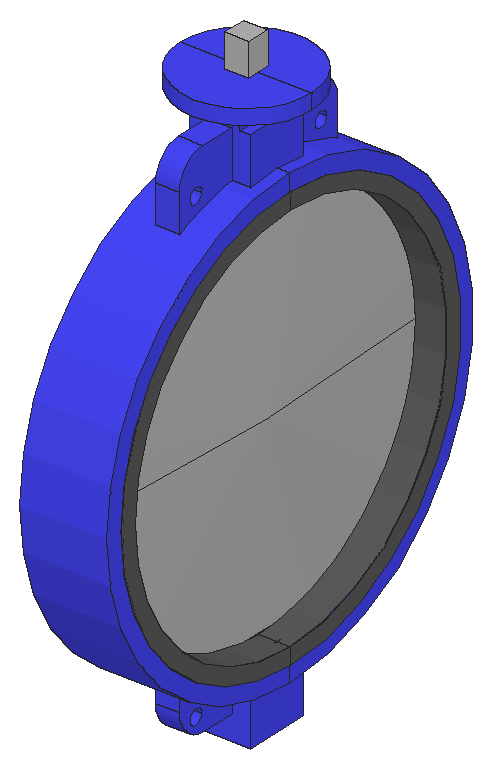
Revit family "931-10-001 DN350-900", category Pipe Accessories, Revit 2022
Family settings
  Round Connector Dimension = Use Diameter
  Part Type = Valve - Breaks Into
  Work Plane-Based = No
  Always vertical = Yes
  Cut with Voids When Loaded = No
  Shared = No
Parameters (values of type "DN900_PN16")
  wafer_fillet = wafer / 2  # 112.5 mm
  wafer_dim2 = size_lookup(Search_table, "wafer_dim2", 0 mm, DN)  # 225 mm
  wafer_dim1 = size_lookup(Search_table, "wafer_dim1", 0 mm, DN)  # 46.5 mm
  wafer_F = size_lookup(Search_table, "wafer_F", 0 mm, DN)  # 67 mm
  wafer = Actuator_Flange_R * 1.5  # 225 mm
  rubber = (D - Bore_R) / 2  # 37 mm
  rib2 = base_dis * 0.95  # 604.2 mm
  hole_bottom = base_dis * 0.85  # 540.6 mm
  hole1 = G / 2  # 27.5 mm
  disk2 = size_lookup(Search_table, "disk2", 0 mm, DN)  # 899 mm
  disk1 = size_lookup(Search_table, "disk1", 0 mm, DN)  # 49.5 mm
  disk = size_lookup(Search_table, "disk", 0 mm, DN)  # 27.5 mm
  base_dis = size_lookup(Search_table, "base_dis", 0 mm, DN)  # 636 mm
  base1 = C / 5  # 40 mm
  base = C * 0.7 / 2  # 70 mm
  URL_product_pages = "https://www.avkvalves.com/P.aspx?no=93135010010020200000"
  Search_table = "931-10-001 DN350-900"
  PCD_R = size_lookup(Search_table, "PCD_R", 0 mm, DN)  # 542.5 mm
  Rib_dim1 = size_lookup(Search_table, "Rib_dim1", 0 mm, DN)  # 580 mm
  Hole_dia = size_lookup(Search_table, "Hole_dia", 0 mm, DN)  # 36 mm
  Hole = G * 1.1  # 60.5 mm
  H = size_lookup(Search_table, "H", 0 mm, DN) / 2  # 150 mm
  G = size_lookup(Search_table, "G", 0 mm, DN)  # 55 mm
  Flange_T = size_lookup(Search_table, "Flange_T", 0 mm, DN)  # 46.5 mm
  Flange_R = size_lookup(Search_table, "Flange_R", 0 mm, DN)  # 525 mm
  F = size_lookup(Search_table, "F", 0 mm, DN)  # 75 mm
  E = size_lookup(Search_table, "E", 0 mm, DN)  # 705 mm
  Description_ = "AVK BUTTERFLY VALVE, WAFER, PN10/16"
  Default Elevation = 0 mm
  DN900_PN16 = "931-900-10-020020200000"
  DN900_PN10 = "931-900-10-010020200000"
  DN750_PN16 = "931-750-10-020020200000"
  DN800_PN16 = "931-800-10-020020200000"
  DN800_PN10 = "931-800-10-010020200000"
  DN750_PN10 = "931-750-10-010020200000"
  DN700_PN16 = "931-700-10-020020200000"
  DN700_PN10 = "931-700-10-010020200000"
  DN600_PN16 = "931-600-10-020020200000"
  DN600_PN10 = "931-600-10-010020200000"
  DN500_PN16 = "931-500-10-020020200000"
  DN500_PN10 = "931-500-10-010020200000"
  DN400_PN16 = "931-400-10-020020200000"
  DN400_PN10 = "931-400-10-010020200000"
  DN350_PN16 = "931-350-10-020020200000"
  DN350_PN10 = "931-350-10-010020200000"
  DN = 900.1 mm
  D1 = size_lookup(Search_table, "D1", 0 mm, DN)  # 1048 mm
  D = size_lookup(Search_table, "D", 0 mm, DN) / 2  # 524 mm
  C = size_lookup(Search_table, "C", 0 mm, DN)  # 200 mm
  Bore_R = size_lookup(Search_table, "Bore_R", 0 mm, DN)  # 450 mm
  Body_thickness = B1 * 1.05  # 473.025 mm
  Body_dim1 = C * 0.7  # 140 mm
  Body_dim = Actuator_Flange_R * 0.5  # 75 mm
  Body_Thickness = size_lookup(Search_table, "Body_Thickness", 0 mm, DN)  # 2 mm
  B1 = B + 1 mm  # 450.5 mm
  B = size_lookup(Search_table, "B", 0 mm, DN) / 2  # 449.5 mm
  Actuator_Flange_R = size_lookup(Search_table, "Actuator_Flange_R", 0 mm, DN) / 2  # 150 mm
  Actuator_FL_T = size_lookup(Search_table, "Actuator_FL_T", 0 mm, DN)  # 35 mm
  2 = 3 mm  # constant formula
  1 = 1 mm  # constant formula
Types (17, lengths in mm): name | wafer_fillet | wafer_dim2 | wafer_dim1 | wafer_F | wafer | rubber | rib2 | hole_bottom | hole1 | disk2 | disk1 | disk | base_dis | base1 | base | PCD_R | Rib_dim1 | Hole_dia | Hole | H | G | Flange_T | Flange_R | F | E | DN | D1 | D | C | Bore_R | Body_thickness | Body_dim1 | Body_dim | B1 | B | Actuator_Flange_R | Actuator_FL_T
  (no name) | 112.5 | 225 | 46.5 | 67 | 225 | 37 | 604.2 | 540.6 | 27.5 | 899 | 49.5 | 27.5 | 636 | 40 | 70 | 542.5 | 580 | 36 | 60.5 | 150 | 55 | 46.5 | 525 | 75 | 705 | 900.1 | 1048 | 524 | 200 | 450 | 473.025 | 140 | 75 | 450.5 | 449.5 | 150 | 35
  DN350_PN10 | 56.25 | 112.5 | 24.5 | 40 | 112.5 | 19 | 234.65 | 209.95 | 13.5 | 348 | 24.3 | 13.5 | 247 | 15.6 | 27.3 | 235 | 250 | 28 | 29.7 | 87.5 | 27 | 24.5 | 200 | 32 | 306 | 350 | 426 | 213 | 78 | 175 | 183.75 | 54.6 | 37.5 | 175 | 174 | 75 | 20
  DN350_PN16 | 56.25 | 112.5 | 26.5 | 40 | 112.5 | 19 | 234.65 | 209.95 | 13.5 | 348 | 24.3 | 13.5 | 247 | 15.6 | 27.3 | 235 | 250 | 28 | 29.7 | 87.5 | 27 | 26.5 | 200 | 32 | 306 | 350.1 | 426 | 213 | 78 | 175 | 183.75 | 54.6 | 37.5 | 175 | 174 | 75 | 20
  DN400_PN10 | 56.25 | 112.5 | 24.5 | 40 | 112.5 | 21 | 265.05 | 237.15 | 13.5 | 390 | 24.3 | 13.5 | 279 | 20.4 | 35.7 | 257.5 | 295 | 28 | 29.7 | 87.5 | 27 | 24.5 | 228 | 43 | 328 | 400 | 484 | 242 | 102 | 200 | 205.8 | 71.4 | 37.5 | 196 | 195 | 75 | 20
  DN400_PN16 | 56.25 | 112.5 | 28 | 40 | 112.5 | 21 | 265.05 | 237.15 | 13.5 | 390 | 24.3 | 13.5 | 279 | 20.4 | 35.7 | 262.5 | 295 | 28 | 29.7 | 87.5 | 27 | 28 | 230 | 43 | 328 | 400.1 | 484 | 242 | 102 | 200 | 205.8 | 71.4 | 37.5 | 196 | 195 | 75 | 20
  DN500_PN10 | 65.625 | 131.25 | 26.5 | 41 | 131.25 | 24.25 | 331.55 | 296.65 | 18 | 492 | 32.4 | 18 | 349 | 25.4 | 44.45 | 310 | 349 | 31 | 39.6 | 105 | 36 | 26.5 | 285 | 39 | 403 | 500 | 597 | 298.5 | 127 | 250 | 259.35 | 88.9 | 43.75 | 247 | 246 | 87.5 | 20
  DN500_PN16 | 65.625 | 131.25 | 31.5 | 41 | 131.25 | 24.25 | 331.55 | 296.65 | 18 | 492 | 32.4 | 18 | 349 | 25.4 | 44.45 | 310 | 349 | 31 | 39.6 | 105 | 36 | 31.5 | 300 | 39 | 403 | 500.1 | 597 | 298.5 | 127 | 250 | 259.35 | 88.9 | 43.75 | 247 | 246 | 87.5 | 18
  DN600_PN10 | 78.75 | 157.5 | 30 | 41 | 157.5 | 29.25 | 410.4 | 367.2 | 23 | 577 | 41.4 | 23 | 432 | 30.8 | 53.9 | 362.5 | 432 | 31 | 50.6 | 105 | 46 | 30 | 350 | 68 | 495 | 600 | 717 | 358.5 | 154 | 300 | 303.975 | 107.8 | 52.5 | 289.5 | 288.5 | 105 | 30
  DN600_PN16 | 78.75 | 157.5 | 36 | 41 | 157.5 | 29.25 | 410.4 | 367.2 | 23 | 577 | 41.4 | 23 | 432 | 30.8 | 53.9 | 362.5 | 432 | 37 | 50.6 | 105 | 46 | 36 | 350 | 68 | 495 | 600.1 | 717 | 358.5 | 154 | 300 | 303.975 | 107.8 | 52.5 | 289.5 | 288.5 | 105 | 30
  DN700_PN10 | 78.75 | 157.5 | 32.5 | 45 | 157.5 | 23.25 | 475 | 425 | 23 | 681 | 41.4 | 23 | 500 | 33 | 57.75 | 430 | 500 | 36 | 50.6 | 105 | 46 | 32.5 | 410 | 68 | 565 | 700 | 793 | 396.5 | 165 | 350 | 358.575 | 115.5 | 52.5 | 341.5 | 340.5 | 105 | 30
  DN700_PN16 | 78.75 | 157.5 | 39.5 | 45 | 157.5 | 23.25 | 475 | 425 | 23 | 681 | 41.4 | 23 | 500 | 33 | 57.75 | 420 | 500 | 36 | 50.6 | 105 | 46 | 39.5 | 410 | 68 | 565 | 700.1 | 793 | 396.5 | 165 | 350 | 358.575 | 115.5 | 52.5 | 341.5 | 340.5 | 105 | 30
  DN750_PN10 | 78.75 | 157.5 | 39.5 | 46 | 157.5 | 31.25 | 503.5 | 450.5 | 23 | 743 | 41.4 | 23 | 530 | 33 | 57.75 | 457 | 500 | 31 | 50.6 | 105 | 46 | 39.5 | 430 | 68 | 584 | 750 | 875 | 437.5 | 165 | 375 | 391.125 | 115.5 | 52.5 | 372.5 | 371.5 | 105 | 30
  DN750_PN16 | 78.75 | 157.5 | 39.5 | 46 | 157.5 | 31.25 | 503.5 | 450.5 | 23 | 743 | 41.4 | 23 | 530 | 33 | 57.75 | 457 | 500 | 31 | 50.6 | 105 | 46 | 39.5 | 425 | 68 | 584 | 750.1 | 875 | 437.5 | 165 | 375 | 391.125 | 115.5 | 52.5 | 372.5 | 371.5 | 105 | 30
  DN800_PN10 | 112.5 | 225 | 35 | 72 | 225 | 26.75 | 523.45 | 468.35 | 27.5 | 787 | 49.5 | 27.5 | 551 | 38 | 66.5 | 475 | 540 | 34 | 60.5 | 150 | 55 | 35 | 460 | 75 | 645 | 800 | 907 | 453.5 | 190 | 400 | 414.225 | 133 | 75 | 394.5 | 393.5 | 150 | 32
  DN800_PN16 | 112.5 | 225 | 43 | 72 | 225 | 26.75 | 523.45 | 468.35 | 27.5 | 787 | 49.5 | 27.5 | 551 | 38 | 66.5 | 475 | 540 | 34 | 60.5 | 150 | 55 | 43 | 465 | 75 | 645 | 800.1 | 907 | 453.5 | 190 | 400 | 414.225 | 133 | 75 | 394.5 | 393.5 | 150 | 32
  DN900_PN10 | 112.5 | 225 | 37.5 | 67 | 225 | 37 | 604.2 | 540.6 | 27.5 | 899 | 49.5 | 27.5 | 636 | 40 | 70 | 542.5 | 580 | 36 | 60.5 | 150 | 55 | 37.5 | 520 | 75 | 705 | 900 | 1048 | 524 | 200 | 450 | 473.025 | 140 | 75 | 450.5 | 449.5 | 150 | 35
  DN900_PN16 | 112.5 | 225 | 46.5 | 67 | 225 | 37 | 604.2 | 540.6 | 27.5 | 899 | 49.5 | 27.5 | 636 | 40 | 70 | 542.5 | 580 | 36 | 60.5 | 150 | 55 | 46.5 | 525 | 75 | 705 | 900.1 | 1048 | 524 | 200 | 450 | 473.025 | 140 | 75 | 450.5 | 449.5 | 150 | 35
Reference planes
  plane 1 "Center (Front/Back)": y = 0
  plane 2: z = 0
  plane 3 "Center (Left/Right)": x = 0
  plane 4: z = 227.5
  plane 5: x = -100
  plane 6: x = 100
  plane 7: z = 449.5
  plane 8: z = 705
  plane 9: z = 780
  plane 10: x = -27.5
  plane 11: x = 27.5
  plane 12: y = 27.5
  plane 13: y = -27.5
  plane 14: y = 27.5
  plane 15: y = -27.5
  plane 16: x = -70
  plane 17: x = 70
  plane 18: y = 75
  plane 19: y = -75
  plane 20: z = 670
  plane 21: z = 524
  plane 22: z = 451.5
  plane 23: z = 670
  plane 24: y = 449.5
  plane 25: x = -103
  plane 26: x = 103
  plane 27: x = -150
  plane 28: x = 150
  plane 29: z = 449.5
  plane 30: z = -449.5
  plane 31: y = -449.5
  plane 32: z = -449.5
  plane 33: z = 449.5
  plane 34: x = -27.5
  plane 35: x = 27.5
  plane 36: z = 623.5
  plane 37: y = -225
  plane 38: y = 225
  plane 39: z = 524
  plane 40: z = -524
  plane 41: x = -70
  plane 42: x = 70
  plane 43: z = 524
  plane 44: z = -524
  plane 45: y = -225
  plane 46: y = 225
  plane 47: z = -580
  plane 48: x = -150
  plane 49: x = 150
Forms (mm)
  Revolve 1, solid, material "Default Roof"
    sketch origin (0, 0, 0) x (1, 0, 0) y (0, 0, 1)
      loop
        line (-100, 450.5) -> (100, 450.5) -> (100, 524) -> (-100, 524) -> (-100, 450.5)
      axis (-100, 0) -> (100, 0)
    angle from 0 to 360
  Revolve 2, solid, material "Default Roof"
    sketch origin (0, 0, 0) x (1, 0, 0) y (0, 0, 1)
      loop
        line (0, 705) -> (0, 670) -> (150, 670) -> (150, 705) -> (0, 705)
      axis (0, 705) -> (0, 670)
    angle from 0 to 360
  Extrusion 3, solid, material "Default Wall"
    sketch origin (0, 0, 0) x (1, 0, 0) y (0, 0, 1)
      loop
        line (-27.5, 780) -> (-27.5, 705) -> (27.5, 705) -> (27.5, 780) -> (-27.5, 780)
    from -27.5 to 27.5
  Extrusion 4, solid, material "Default Roof"
    sketch origin (0, 0, 0) x (1, 0, 0) y (0, 0, 1)
      loop
        line (-70, 670) -> (-70, 449.5) -> (70, 449.5) -> (70, 670) -> (-70, 670)
      loop
        line (-70, -450.5) -> (-70, -636) -> (70, -636) -> (70, -450.5) -> (-70, -450.5)
    from -75 to 75
  Extrusion 5, void
    sketch origin (0, 0, 0) x (0, 1, 0) y (0, 0, 1)
      loop
        line (75, 670) -> (28.5, 670) -> (28.5, 623.5) -> (75, 623.5) -> (75, 670)
      loop
        line (-28.5, 670) -> (-75, 670) -> (-75, 623.5) -> (-28.5, 623.5) -> (-28.5, 670)
    from 45 to 100
  Extrusion 6, void
    sketch origin (0, 0, 0) x (0, 1, 0) y (0, 0, 1)
      loop
        line (28.5, 623.5) -> (75, 623.5) -> (75, 670) -> (28.5, 670) -> (28.5, 623.5)
      loop
        line (-28.5, 670) -> (-75, 670) -> (-75, 623.5) -> (-28.5, 623.5) -> (-28.5, 670)
    from -100 to -45
  Revolve 7, solid, material "Default"
    sketch origin (0, 0, 0) x (1, 0, 0) y (0, 0, 1)
      loop
        line (-103, 486.5) -> (-103, 449.5) -> (103, 449.5) -> (103, 486.5) -> (100, 486.5) -> (100, 450.5) -> (-100, 450.5) -> (-100, 486.5) -> (-103, 486.5)
      axis (-103, 0) -> (103, 0)
    angle from 0 to 360
  Revolve 8, solid, material "Default Wall"
    sketch origin (0, 0, 0) x (1, 0, 0) y (0, 1, 0)
      loop
        line (-49.5, 0) -> (49.5, 0) -> (27.5, 449.5) -> (-27.5, 449.5) -> (-49.5, 0)
      axis (-49.5, 0) -> (49.5, 0)
    angle from 0 to 360
  Extrusion 9, solid, material "Default Roof"
    sketch origin (0, 0, 0) x (0, 1, 0) y (0, 0, 1)
      loop
        line (158, 623.5) -> (-158, 623.5)
        arc (-158, 623.5) -> (-205.376, 603.876) -> (-225, 556.5) r 67
        line (-225, 556.5) -> (-225, 449.5) -> (225, 449.5) -> (225, 556.5)
        arc (225, 556.5) -> (205.376, 603.876) -> (158, 623.5) r 67
      loop
        circle (-179.5, 529) r 18
      loop
        circle (179.5, 529) r 18
      loop
        arc (158, -580) -> (205.376, -560.376) -> (225, -513) r 67
        line (225, -513) -> (225, -449.5) -> (-225, -449.5) -> (-225, -513)
        arc (-225, -513) -> (-205.376, -560.376) -> (-158, -580) r 67
        line (-158, -580) -> (158, -580)
      loop
        circle (179.5, -540.6) r 18
      loop
        circle (-179.5, -540.6) r 18
    from -27.5 to 27.5
Cuts and joins
  Extrusion 5, Extrusion 6 cuts Revolve 2
  Extrusion 5, Extrusion 6 cuts Extrusion 4
Dimensions and locks
  "B": plane 7 to level
  equal spacing: plane 6, plane 3 "Center (Left/Right)", plane 5
  "C": plane 6 to plane 5
  "E": plane 8 to level
  equal spacing: plane 11, plane 3 "Center (Left/Right)", plane 10
  "G": plane 11 to plane 10
  "F": plane 9 to plane 8
  "Actuator_FL_T": plane 8 to Revolve 2 sketch curve
  equal spacing: Extrusion 3 sketch curve, plane 3 "Center (Left/Right)", Extrusion 3 sketch curve
  equal spacing: plane 12, plane 1 "Center (Front/Back)", plane 13
  "G": plane 12 to plane 13
  equal spacing: plane 14, plane 1 "Center (Front/Back)", plane 15
  "G": plane 14 to plane 15
  equal spacing: Extrusion 4 sketch curve, plane 3 "Center (Left/Right)", Extrusion 4 sketch curve  (x2)
  "Actuator_FL_T": plane 8 to Extrusion 4 sketch curve
  equal spacing: plane 17, plane 3 "Center (Left/Right)", plane 16
  "Body_dim1": plane 17 to plane 16
  equal spacing: plane 18, plane 1 "Center (Front/Back)", plane 19
  "Body_dim": plane 18 to plane 1 "Center (Front/Back)"
  "Actuator_FL_T": plane 8 to Extrusion 5 sketch curve
  "Flange_T": plane 18 to Extrusion 5 sketch curve
  "Actuator_FL_T": plane 8 to plane 20
  "Flange_T": plane 20 to Extrusion 5 sketch curve
  equal spacing: Extrusion 5 sketch curve, plane 1 "Center (Front/Back)", Extrusion 5 sketch curve
  "G": plane 6 to cut or joined group of Extrusion 4, Extrusion 5, Extrusion 6
  "G": cut or joined group of Extrusion 4, Extrusion 5, Extrusion 6 to plane 5
  equal spacing: Revolve 7 sketch curve, plane 3 "Center (Left/Right)", Revolve 7 sketch curve  (x2)
  "2": plane 5 to Revolve 7 sketch curve
  "B1": Revolve 1 sketch curve to level
  "D": plane 21 to level
  "rubber": Revolve 7 sketch curve to plane 7
  "Body_Thickness": plane 22 to plane 7
  "Actuator_FL_T": plane 8 to plane 23
  "Flange_T": plane 23 to cut or joined group of Extrusion 4, Extrusion 5, Extrusion 6
  equal spacing: cut or joined group of Extrusion 4, Extrusion 5, Extrusion 6, plane 1 "Center (Front/Back)", cut or joined group of Extrusion 4, Extrusion 5, Extrusion 6
  "Flange_T": plane 18 to cut or joined group of Extrusion 4, Extrusion 5, Extrusion 6
  equal spacing: Revolve 8 sketch curve, plane 3 "Center (Left/Right)", Revolve 8 sketch curve  (x2)
  "disk": Revolve 8 sketch curve to plane 3 "Center (Left/Right)"
  "disk1": Revolve 8 sketch curve to plane 3 "Center (Left/Right)"
  equal spacing: plane 26, plane 3 "Center (Left/Right)", plane 25
  "2": plane 5 to plane 25
  plane 26 to plane 25 = 206 mm
  equal spacing: plane 28, plane 3 "Center (Left/Right)", plane 27
  "H": plane 28 to plane 3 "Center (Left/Right)"
  equal spacing: plane 30, level, plane 29
  "disk2": plane 30 to plane 29
  "1": plane 29 to Revolve 7 sketch curve
  plane 6 to plane 5 = 200 mm  (x2)
  plane 27 to plane 28 = 300 mm
  equal spacing: plane 24, plane 1 "Center (Front/Back)", plane 31
  "disk2": plane 24 to plane 31
  equal spacing: plane 33, level, plane 32
  "disk2": plane 7 to plane 32
  equal spacing: Extrusion 9 sketch curve, plane 1 "Center (Front/Back)", Extrusion 9 sketch curve  (x3)
  "wafer_dim1": plane 23 to Extrusion 9 sketch curve
  "wafer_dim2": Extrusion 9 sketch curve to plane 1 "Center (Front/Back)"  (x2)
  equal spacing: Extrusion 9, plane 3 "Center (Left/Right)", Extrusion 9
  equal spacing: plane 34, plane 3 "Center (Left/Right)", plane 35
  "G": plane 35 to plane 34
  "wafer_dim1": plane 23 to plane 36
  equal spacing: plane 37, plane 1 "Center (Front/Back)", plane 38  (x2)
  "wafer_dim2": plane 37 to plane 1 "Center (Front/Back)"  (x2)
  "hole1": plane 37 to Extrusion 9 sketch curve
  "hole1": Extrusion 9 sketch curve to plane 38
  "wafer_fillet": plane 36 to Extrusion 9 sketch curve  (x2)
  equal spacing: plane 39, level, plane 40
  plane 39 to plane 40 = 1048 mm
  "D": plane 39 to level
  plane 28 to plane 27 = 300 mm
  equal spacing: plane 42, plane 3 "Center (Left/Right)", plane 41
  "Body_dim1": plane 42 to plane 41
  plane 8 to level = 705 mm
  "1": plane 32 to Extrusion 4 sketch curve
  equal spacing: plane 43, level, plane 44
  "D1": plane 43 to plane 44
  equal spacing: plane 45, plane 1 "Center (Front/Back)", plane 46
  "wafer_dim2": plane 45 to plane 1 "Center (Front/Back)"
  "base_dis": level to cut or joined group of Extrusion 4, Extrusion 5, Extrusion 6
  "Rib_dim1": level to plane 47
  "hole1": plane 46 to Extrusion 9 sketch curve
  "hole_bottom": level to Extrusion 9 sketch curve  (x2)
  equal spacing: plane 49, plane 3 "Center (Left/Right)", plane 48
  "H": plane 3 "Center (Left/Right)" to plane 48
  plane 49 to plane 48 = 300 mm
  "wafer_F": radius of Extrusion 9 sketch curve  (x4)
  "Hole_dia": diameter of Extrusion 9 sketch curve  (x4)
  aligned and locked: level to plane 2
  aligned and locked: plane 5 to Revolve 1 sketch curve
  aligned and locked: plane 6 to Revolve 1 sketch curve
  aligned and locked: Revolve 1 sketch curve to level
  aligned and locked: plane 3 "Center (Left/Right)" to Revolve 2 sketch curve
  aligned and locked: Revolve 2 sketch curve to plane 8
  aligned and locked: Revolve 2 sketch curve to plane 3 "Center (Left/Right)"
  aligned and locked: plane 10 to Extrusion 3 sketch curve
  aligned and locked: plane 8 to Extrusion 3 sketch curve
  aligned and locked: Extrusion 3 sketch curve to plane 9
  aligned and locked: Extrusion 3 to plane 14
  aligned and locked: plane 15 to Extrusion 3
  aligned and locked: Extrusion 4 sketch curve to plane 16
  aligned and locked: plane 7 to Extrusion 4 sketch curve
  aligned and locked: Extrusion 4 to plane 18
  aligned and locked: Extrusion 4 to plane 19
  aligned and locked: Extrusion 5 sketch curve to plane 20
  aligned and locked: plane 19 to Extrusion 5 sketch curve
  aligned and locked: Extrusion 5 sketch curve to Extrusion 5 sketch curve
  aligned and locked: plane 6 to Extrusion 5
  aligned and locked: cut or joined group of Revolve 2, Extrusion 5, Extrusion 6 to Extrusion 6 sketch curve  (x2)
  aligned and locked: Extrusion 6 to plane 5
  aligned and locked: Revolve 7 sketch curve to Revolve 7 sketch curve
  aligned and locked: Revolve 7 sketch curve to level
  aligned and locked: Revolve 7 sketch curve to plane 5
  aligned and locked: Extrusion 6 to plane 18
  aligned and locked: Extrusion 6 to plane 19
  aligned and locked: Extrusion 5 to plane 18
  aligned and locked: cut or joined group of Extrusion 4, Extrusion 5, Extrusion 6 to cut or joined group of Extrusion 4, Extrusion 5, Extrusion 6
  aligned and locked: plane 1 "Center (Front/Back)" to Revolve 8 sketch curve  (x2)
  aligned and locked: Revolve 8 sketch curve to plane 24
  aligned and locked: Revolve 7 sketch curve to plane 7
  aligned and locked: plane 33 to Extrusion 9 sketch curve
  aligned and locked: Extrusion 9 to plane 34
  aligned and locked: Extrusion 4 sketch curve to plane 41
  aligned and locked: plane 43 to Revolve 1 sketch curve
  aligned and locked: plane 32 to Extrusion 9 sketch curve
  aligned and locked: plane 1 "Center (Front/Back)" to nested 1
  aligned and locked: plane 49 to Revolve 2 sketch curve
  aligned and locked: nested 1 to plane 39
Automatic sketch dimensions
  Extrusion 6 sketch curve to plane 19 = 0 mm
  Extrusion 6 sketch curve to plane 18 = 0 mm
  Extrusion 6 sketch curve to plane 15 = 1 mm
  Extrusion 6 sketch curve to plane 14 = 1 mm
  Extrusion 6 sketch curve to Extrusion 6 sketch curve = 46.5 mm  (x2)
  plane 10 to Revolve 1 sketch curve = 0.688 mm
  Revolve 1 sketch curve to plane 6 = 7.188 mm
  Revolve 2 sketch curve to plane 3 "Center (Left/Right)" = 0 mm
  Revolve 2 sketch curve to plane 23 = 2.849 mm
  Revolve 2 sketch curve to Revolve 2 sketch curve = 2 mm
  Extrusion 4 sketch curve to plane 40 = 112 mm
  Extrusion 5 sketch curve to plane 18 = 0 mm
  plane 5 to Revolve 7 sketch curve = 1.194 mm
  Revolve 7 sketch curve to plane 28 = 28.711 mm
  Revolve 8 sketch curve to plane 25 = 2.935 mm
  plane 28 to Revolve 8 sketch curve = 6.863 mm
  plane 47 to Extrusion 9 sketch curve = 0 mm
Nested families
  nested 1: "logo medium-1" at (-70, 0, 532.594) x (0, -1, 0) z (-1, 0, 0), type "logo medium-1"
Connectors
  piping at (-103, 0, 0), diameter 900.1, driven by "DN"
    settings: on Revolve 7, index 1, connector inside diameter 609.6 mm, connector length 0 mm, flow factor 0, pipe flow 0.0 L/s, pressure drop 0.0 Pa, fitting loss kfactor 0, connector angle 0.00°, fixture units 0, engagement length 0 mm, angle of deflection 0.00°, flow configuration 0, flow direction 0, fitting loss method 0, system type 7, joint type 0, gender type 0, connector reference index -1, connector utility 0, adjustable connector no, is connector primary yes, connector description ""
  piping at (103, 0, 0), diameter 900.1, driven by "DN"
    settings: on Revolve 7, index 2, connector inside diameter 609.6 mm, connector length 0 mm, flow factor 0, pipe flow 0.0 L/s, pressure drop 0.0 Pa, fitting loss kfactor 0, connector angle 0.00°, fixture units 0, engagement length 0 mm, angle of deflection 0.00°, flow configuration 0, flow direction 0, fitting loss method 0, system type 7, joint type 0, gender type 0, connector reference index -1, connector utility 0, adjustable connector no, is connector primary no, connector description ""
Definition of nested family "logo medium-1"
  Parameters
    Default Elevation = 1219.2 mm
  Reference planes
    plane 1 "Center (Front/Back)": y = 0
    plane 2: z = 0
    plane 3 "Center (Left/Right)": x = 0
  Forms (mm)
    Extrusion 1, solid
      sketch origin (0, 0, 0) x (1, 0, 0) y (0, 1, 0)
        loop
          line (-1219.2, 1219.2) -> (-1219.2, -1219.2) -> (1219.2, -1219.2) -> (1219.2, 1219.2) -> (-1219.2, 1219.2)
      from 0 to -188.781
    Extrusion 2, solid
      sketch origin (0, 0, 0) x (1, 0, 0) y (0, 1, 0)
        loop
          line (-30.911, 14.607) -> (-12.952, 14.607) -> (-3.438, -8.594) -> (3.26, -8.594) -> (12.676, 14.607) -> (30.732, 14.607) -> (30.732, 20.529) -> (7.968, 20.529) -> (0, 0) -> (-8.195, 20.529) -> (-30.911, 20.529) -> (-30.911, 14.607)
        loop
          line (30.732, 6.453) -> (30.732, 12.569) -> (24.908, 12.569)
          arc (24.908, 12.569) -> (22.993, 7.075) -> (17.724, 4.608) r 7.492
          line (17.724, 4.608) -> (20.928, 12.569) -> (14.521, 12.569) -> (5.881, -8.594) -> (12.434, -8.594) -> (15.777, -0.405) -> (21.354, -8.594) -> (29.424, -8.594) -> (22.319, 0.649)
          arc (22.319, 0.649) -> (26.344, 2.972) -> (29.424, 6.453) r 14.456
          line (29.424, 6.453) -> (30.732, 6.453)
        loop
          line (-5.865, -8.594) -> (-14.796, 12.569) -> (-30.911, 12.569) -> (-30.911, 6.453) -> (-25.086, 6.453) -> (-30.911, -8.594) -> (-25.086, -8.594) -> (-23.728, -5.084) -> (-13.656, -5.084) -> (-12.175, -8.594) -> (-5.865, -8.594)
        loop
          line (-18.776, 7.618) -> (-21.494, 0) -> (-15.961, 0) -> (-18.776, 7.618)
      from 0 to 2
  Dimensions and locks
    aligned and locked: plane 2 to Extrusion 1
    aligned and locked: level to Extrusion 1
    aligned and locked: Extrusion 2 sketch curve to import instance  (x36)
